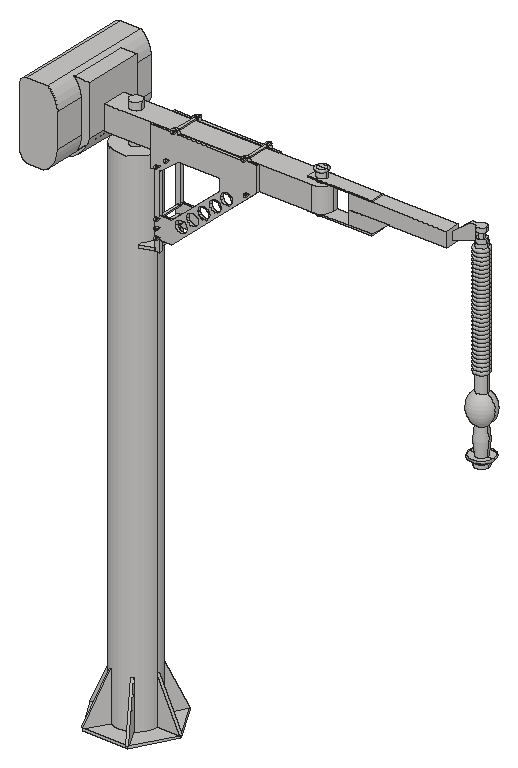
Revit family "Servo_Easy_Arm_Gorbel_EA-F", category Specialty Equipment, Revit 2024
Family settings
  Round Connector Dimension = Use Diameter
  Part Type = Normal
  OmniClass Number = 23.50.30.37.11
  OmniClass Title = Cranes
  Work Plane-Based = Yes
  Enable Cutting in Views = No
  Always vertical = No
  Cut with Voids When Loaded = No
  Maintain Annotation Orientation = No
  Shared = No
  Room Calculation Point = No
Parameters
  offset [instance] = 0' - 0"
  Warranty Duration (Years) = 0
  URL = "https://www.gorbel.com/Solutions/architectsandengineers.aspx"
  Test Data = "https://www.gorbel.com/Solutions/designstandards.aspx"
  Specification = "http://www.arcat.com/sd/clients/gorbel.html?coid=43076"
  SpecWizard = ""
  Span = 6' - 0"
  Send Message = "http://www.arcat.com/users.pl?action=UserEmail&company=Gorbel%20Inc.&coid=43076&rep=106&fax=800-828-1808&mf="
  Sec Angle = 180.00°
  Sales Information = "https://www.gorbel.com/About/HowToBuy.aspx"
  Revision = "R1_05-2011"
  Product Properties = "https://www.gorbel.com/Products.aspx"
  Product Data = "http://arcat.com/arcatcos/cos43/arc43076.html?isac=1&r=1"
  Prim Angle = 90.00°
  Post Height = HUH + 2' 10 3/8"  # 8' - 10 3/8"
  Model = "As Specified"
  Manufacturer Website = "https://www.gorbel.com/Solutions/architectsandengineers.aspx"
  Manufacturer Phone - Toll Free = "800-821-0086 "
  Manufacturer Phone = "585-924-6262 "
  Manufacturer Fax = "800-828-1808;585-924-6273"
  Manufacturer Address = "600 Fishers Run, Fishers, NY 14453\r\n"
  Manufacturer = "Gorbel Inc"
  Maintenance Schedule (Months) = 0
  Keynote = "14600"
  Installation-Fabrication = "https://www.gorbel.com/Media/brochures.aspx"
  Installation Phase = ""
  HUH = 6' - 0"
  Green Building-LEED = ""
  Fixture Material = Steel
  Expected Lifespan (Years) = 0
  Drawn By = "Sumex Design, Inc. / Robert S. Weygant, CSI, CDT, SCIP"
  Description = "Gorbel"
  Default Elevation = 4' - 0"
  Copyright = "©Arcat Inc."
  Construction Details = ""
  Capacity (Lbs) = 0.00 kip
  Assembly Code = "D1090300"
Reference planes (in)
  plane 1 "Center (Front/Back)": y = 0
  plane 2 "Bottom": z = 0
  plane 3 "Center (Left/Right)": x = 0
Forms (in)
  Extrusion 1, solid, material "Steel" <- "Fixture Material"
    sketch origin (0, 0, 0) x (1, 0, 0) y (0, 1, 0)
      loop
        circle (0, 0) r 4.5
    from 0 to 106.375
  Extrusion 2, solid, material "Steel" <- "Fixture Material"
    sketch origin (0, 0, 106.375) x (1, 0, 0) y (0, 1, 0)
      loop
        circle (0, 0) r 1.25
    from 0 to 8.0038
  Extrusion 3, solid, material "Steel" <- "Fixture Material"
    sketch origin (0, 0, 0) x (1, 0, 0) y (0, 1, 0)
      loop
        line (-4.6188, 8) -> (-9.2376, 0) -> (-4.6188, -8) -> (4.6188, -8) -> (9.2376, 0) -> (4.6188, 8) -> (-4.6188, 8)
    from 0 to 0.5
  Extrusion 4, solid, material "Steel" <- "Fixture Material"
    sketch origin (0, 0, 0) x (1, 0, 0) y (0, 0, 1)
      loop
        line (9.2376, 0.5) -> (4.4876, 10.5) -> (4.4876, 0.5) -> (9.2376, 0.5)
    from -0.25 to 0.25
  Extrusion 5, solid, material "Steel" <- "Fixture Material"
    sketch origin (0, 0, 0) x (0.5, -0.866025, 0) y (0, 0, 1)
      loop
        line (9.2376, 0.5) -> (4.4876, 10.5) -> (4.4876, 0.5) -> (9.2376, 0.5)
    from -0.25 to 0.25
  Extrusion 6, solid, material "Steel" <- "Fixture Material"
    sketch origin (0, 0, 0) x (0.5, 0.866025, 0) y (0, 0, 1)
      loop
        line (9.2376, 0.5) -> (4.4876, 10.5) -> (4.4876, 0.5) -> (9.2376, 0.5)
    from -0.25 to 0.25
  Extrusion 7, solid, material "Steel" <- "Fixture Material"
    sketch origin (0, 0, 0) x (-0.5, 0.866025, 0) y (0, 0, 1)
      loop
        line (9.2376, 0.5) -> (4.4876, 10.5) -> (4.4876, 0.5) -> (9.2376, 0.5)
    from -0.25 to 0.25
  Extrusion 8, solid, material "Steel" <- "Fixture Material"
    sketch origin (0, 0, 0) x (-1, 0, 0) y (0, 0, 1)
      loop
        line (9.2376, 0.5) -> (4.4876, 10.5) -> (4.4876, 0.5) -> (9.2376, 0.5)
    from -0.25 to 0.25
  Extrusion 9, solid, material "Steel" <- "Fixture Material"
    sketch origin (0, 0, 0) x (-0.5, -0.866025, 0) y (0, 0, 1)
      loop
        line (9.2376, 0.5) -> (4.4876, 10.5) -> (4.4876, 0.5) -> (9.2376, 0.5)
    from -0.25 to 0.25
Lines and regions (in)
  reference lines
    curve 1: line (0, 0, 0) -> (72, 0, 0)
Dimensions and locks (in)
  "HUH": nested 1 to curve 1
  "Post Height": Extrusion 1 to level
Automatic sketch dimensions
  curve 1 to level = 0' - 0"
  curve 1 to plane 3 "Center (Left/Right)" = 0' - 0"
  Extrusion 1 sketch curve to plane 1 "Center (Front/Back)" = 0' - 0"
  Extrusion 1 sketch curve to plane 3 "Center (Left/Right)" = 0' - 0"
  plane 3 "Center (Left/Right)" to curve 1 = 6' - 0"
  Extrusion 4 sketch curve to Extrusion 4 sketch curve = 0' - 4 3/4"
  Extrusion 4 sketch curve to Extrusion 4 sketch curve = 0' - 10"
  Extrusion 5 sketch curve to Extrusion 5 sketch curve = 0' - 4 3/4"
  Extrusion 5 sketch curve to Extrusion 5 sketch curve = 0' - 10"
  Extrusion 6 sketch curve to Extrusion 6 sketch curve = 0' - 4 3/4"
  Extrusion 6 sketch curve to Extrusion 6 sketch curve = 0' - 10"
  Extrusion 7 sketch curve to Extrusion 7 sketch curve = 0' - 4 3/4"
  Extrusion 7 sketch curve to Extrusion 7 sketch curve = 0' - 10"
  Extrusion 8 sketch curve to Extrusion 8 sketch curve = 0' - 4 3/4"
  Extrusion 8 sketch curve to Extrusion 8 sketch curve = 0' - 10"
  Extrusion 9 sketch curve to Extrusion 9 sketch curve = 0' - 4 3/4"
  Extrusion 9 sketch curve to Extrusion 9 sketch curve = 0' - 10"
  radius of Extrusion 1 sketch curve = 0' - 4 1/2"
  radius of Extrusion 2 sketch curve to Extrusion 1 = 0' - 3 1/4"
Nested families (in)
  nested 1: "Boom" at (0, 0, 72), type "Boom"
    with offset 0' - 0"
Definition of nested family "Boom"
  Parameters
    offset [instance] = 0' - 0"
    Warranty Duration (Years) = 0
    URL = "https://www.gorbel.com/Solutions/architectsandengineers.aspx"
    Test Data = "https://www.gorbel.com/Solutions/designstandards.aspx"
    Specification = "http://www.arcat.com/sd/clients/gorbel.html?coid=43076"
    SpecWizard = ""
    Span = 6' - 0"
    Send Message = "http://www.arcat.com/users.pl?action=UserEmail&company=Gorbel%20Inc.&coid=43076&rep=106&fax=800-828-1808&mf="
    Sec Angle = 180.00°
    Sales Information = "https://www.gorbel.com/About/HowToBuy.aspx"
    Revision = "R1_05-2011"
    Product Properties = "https://www.gorbel.com/Products.aspx"
    Product Data = "http://arcat.com/arcatcos/cos43/arc43076.html?isac=1&r=1"
    Prim Length = Span - A  # 3' - 2 41/256"
    Prim Angle = 90.00°
    Model = "As Specified"
    Manufacturer Website = "https://www.gorbel.com/Solutions/architectsandengineers.aspx"
    Manufacturer Phone - Toll Free = "800-821-0086 "
    Manufacturer Phone = "585-924-6262 "
    Manufacturer Fax = "800-828-1808;585-924-6273"
    Manufacturer Address = "600 Fishers Run, Fishers, NY 14453\r\n"
    Manufacturer = "Gorbel Inc"
    Maintenance Schedule (Months) = 0
    Keynote = "14600"
    Installation-Fabrication = "https://www.gorbel.com/Media/brochures.aspx"
    Installation Phase = ""
    Green Building-LEED = ""
    Fixture Material = none
    Expected Lifespan (Years) = 0
    Drawn By = "Sumex Design, Inc. / Robert S. Weygant, CSI, CDT, SCIP"
    Description = "Gorbel"
    Default Elevation = 4' - 0"
    Copyright = "©Arcat Inc."
    Construction Details = ""
    Assembly Code = "D1090300"
    A = if(Span = 6' 0", 2' 9 215/256", if(Span = 8' 0", 3' 9 31/256", if(Span = 10' 0", 4' 8 51/128", if(Span = 12' 0", 5' 7 87/128", 6' 6 123/128"))))  # 2' - 9 215/256"
  Reference planes (in)
    plane 1 "Center (Front/Back)": y = 0
    plane 2 "Bottom": z = 0
    plane 3 "Center (Left/Right)": x = 0
    plane 4: z = 36
  Forms (in)
    Extrusion 1, solid, material <- "Fixture Material"
      sketch origin (0, 0, 0) x (1, 0, 0) y (0, 1, 0)
        loop
          line (-4.65616, 2.5) -> (-4.65616, -2.5) -> (38.09399, -2.5)
          arc (38.09399, -2.5) -> (39.86176, -1.76777) -> (40.59399, 0) r 2.5
          arc (40.59399, 0) -> (39.86176, 1.76777) -> (38.09399, 2.5) r 2.5
          line (38.09399, 2.5) -> (-4.65616, 2.5)
        loop
          circle (38.16016, 0) r 1
      from 36 to 41
    Revolve 2, solid, material <- "Fixture Material"
      sketch origin (0, 0, 0) x (1, 0, 0) y (0, 0, 1)
        loop
          line (39.16016, 34.75) -> (39.16016, 42.875)
          arc (39.16016, 42.875) -> (39.39901, 43.06857) -> (39.16016, 43.26214) r 0.19786
          line (39.16016, 43.26214) -> (38.16016, 43.26214) -> (38.16016, 34.75) -> (39.16016, 34.75)
        axis (38.16016, 43.26214) -> (38.16016, 34.75)
      angle from 0 to 360
    Extrusion 3, solid, material <- "Fixture Material"
      sketch origin (38.16016, 0, 0) x (1, 0, 0) y (0, 1, 0)
        loop
          line (6.84, 1.5) -> (6.84, -1.5) -> (26.83984, -1.5) -> (26.83984, 1.5) -> (6.84, 1.5)
      from 38.5 to 41.5
    Extrusion 4, solid, material <- "Fixture Material"
      sketch origin (38.16016, 0, 0) x (1, 0, 0) y (0, 1, 0)
        loop
          line (11.40146, 1.5) -> (-1.59854, 1.5) -> (-1.59854, -1.5) -> (11.40146, -1.5) -> (11.40146, 1.5)
        loop
          circle (0, 0) r 1
      from 41.5 to 41.75
    Extrusion 5, solid, material <- "Fixture Material"
      sketch origin (38.16016, 0, 0) x (1, 0, 0) y (0, 1, 0)
        loop
          line (-1.59854, 1.5) -> (-1.59854, -1.5) -> (11.40146, -1.5) -> (11.40146, 1.5) -> (-1.59854, 1.5)
        loop
          circle (0, 0) r 1
      from 35.30123 to 35.55123
    Extrusion 6, solid, material <- "Fixture Material"
      sketch origin (38.16016, 0, 0) x (1, 0, 0) y (0, 0, 1)
        loop
          line (6.84, 38.5) -> (6.84, 35.55123) -> (11.40146, 35.55123) -> (15.04288, 38.5) -> (6.84, 38.5)
      from -1.5 to 1.5
    Revolve 7, solid, material <- "Fixture Material"
      sketch origin (38.16016, 0, 0) x (1, 0, 0) y (0, 0, 1)
        loop
          line (33.83984, 44) -> (32.83984, 44) -> (32.83984, 41.125) -> (33.83984, 41.125) -> (33.83984, 41.875) -> (33.33984, 41.875) -> (33.33984, 43.25) -> (33.83984, 43.25) -> (33.83984, 44)
        axis (32.83984, 41.125) -> (32.83984, 44)
      angle from 0 to 360
    Extrusion 8, solid, material <- "Fixture Material"
      sketch origin (38.16016, 0, 0) x (1, 0, 0) y (0, 0, 1)
        loop
          line (26.83984, 40.875) -> (26.83984, 39.125) -> (31.55155, 41.125) -> (32.08984, 41.125) -> (32.08984, 41.875) -> (31.83984, 41.875) -> (31.83984, 43.25) -> (32.08984, 43.25) -> (32.08984, 44) -> (30.85326, 44) -> (26.83984, 40.875)
      from -0.25 to 0.25
    Extrusion 9, solid, material <- "Fixture Material"
      sketch origin (0, 0, 0) x (1, 0, 0) y (0, 0, 1)
        loop
          line (7.25, 18) -> (7.25, 20.3) -> (9.75, 20.3) -> (27.25619, 36) -> (27.25619, 41) -> (25.5, 41)
          arc (25.5, 41) -> (24.75, 41.75) -> (24, 41) r 0.75
          line (24, 41) -> (11, 41)
          arc (11, 41) -> (10.25, 41.75) -> (9.5, 41) r 0.75
          line (9.5, 41) -> (5.5, 41) -> (5.5, 33) -> (6.25, 33) -> (6.25, 18) -> (7.25, 18)
        loop
          line (7.25, 33) -> (7.25, 24.7) -> (9.75, 24.7) -> (19.5, 33.44405) -> (19.5, 36) -> (11.1, 36) -> (7.25, 33)
        loop
          circle (6.75866, 33.70965) r 0.25
        loop
          circle (8.72574, 35.49115) r 0.25
        loop
          circle (6.75866, 20.6125) r 0.25
        loop
          circle (6.75866, 22.3625) r 0.25
        loop
          circle (6.75866, 24.1125) r 0.25
        loop
          circle (11.75188, 24.2687) r 1.25
        loop
          circle (14.08265, 26.35899) r 1.25
        loop
          circle (16.41343, 28.44929) r 1.25
        loop
          circle (18.7442, 30.53959) r 1.25
        loop
          circle (21.07498, 32.62989) r 1.25
        loop
          circle (25.11983, 34.93714) r 0.25
        loop
          circle (10.25, 41.34375) r 0.25
        loop
          circle (24.75, 41.34375) r 0.25
      from 2.5 to 3
    Extrusion 10, solid, material <- "Fixture Material"
      sketch origin (0, 0, 0) x (1, 0, 0) y (0, 0, 1)
        loop
          line (6.25, 33) -> (6.25, 18) -> (7.25, 18) -> (7.25, 20.3) -> (9.75, 20.3) -> (27.25619, 36) -> (27.25619, 41) -> (25.5, 41)
          arc (25.5, 41) -> (24.75, 41.75) -> (24, 41) r 0.75
          line (24, 41) -> (11, 41)
          arc (11, 41) -> (10.25, 41.75) -> (9.5, 41) r 0.75
          line (9.5, 41) -> (5.5, 41) -> (5.5, 33) -> (6.25, 33)
        loop
          circle (6.75866, 20.6125) r 0.25
        loop
          circle (6.75866, 22.3625) r 0.25
        loop
          circle (6.75866, 24.1125) r 0.25
        loop
          line (9.75, 24.7) -> (19.5, 33.44405) -> (19.5, 36) -> (11.1, 36) -> (7.25, 33) -> (7.25, 24.7) -> (9.75, 24.7)
        loop
          circle (11.75188, 24.2687) r 1.25
        loop
          circle (14.08265, 26.35899) r 1.25
        loop
          circle (16.41343, 28.44929) r 1.25
        loop
          circle (18.7442, 30.53959) r 1.25
        loop
          circle (21.07498, 32.62989) r 1.25
        loop
          circle (25.11983, 34.93714) r 0.25
        loop
          circle (6.75866, 33.70965) r 0.25
        loop
          circle (8.72574, 35.49115) r 0.25
        loop
          circle (24.75, 41.34375) r 0.25
        loop
          circle (10.25, 41.34375) r 0.25
      from -2.5 to -3
    Extrusion 11, solid, material <- "Fixture Material"
      sketch origin (0, 0, 0) x (1, 0, 0) y (0, 1, 0)
        loop
          line (6.25, 3) -> (3.68738, 3.84524) -> (3.68738, 3.09524)
          arc (3.68738, 3.09524) -> (4.639, 0) -> (3.68738, -3.09524) r 5.5096
          line (3.68738, -3.09524) -> (3.68738, -3.84524) -> (6.25, -3) -> (6.25, 3)
      from 18 to 18.5
    Extrusion 12, solid, material <- "Fixture Material"
      sketch origin (0, 0, 0) x (1, 0, 0) y (0, 0, 1)
        loop
          line (-4.65616, 36) -> (-4.65616, 46.42008) -> (-7.98457, 46.42008)
          arc (-7.98457, 46.42008) -> (-6.9708, 44.80481) -> (-6.5446, 42.946) r 5.71787
          line (-6.5446, 42.946) -> (-6.5446, 36)
          arc (-6.5446, 36) -> (-7.3061, 33.23055) -> (-9.37648, 31.23975) r 5.4168
          line (-9.37648, 31.23975) -> (-9.37648, 31.09004)
          arc (-9.37648, 31.09004) -> (-6.39309, 32.94586) -> (-4.65616, 36) r 7.1395
      from -6 to 6
    Extrusion 13, solid, material <- "Fixture Material"
      sketch origin (0, 0, 0) x (1, 0, 0) y (0, 0, 1)
        loop
          line (-6.5446, 36) -> (-6.5446, 42.946)
          arc (-6.5446, 42.946) -> (-7.1437, 45.18254) -> (-8.58059, 46.99814) r 5.71787
          line (-8.58059, 46.99814) -> (-12.83059, 46.99814)
          arc (-12.83059, 46.99814) -> (-13.83059, 46.58393) -> (-14.2448, 45.58393) r 1.41421
          line (-14.2448, 45.58393) -> (-14.2448, 33.48975)
          arc (-14.2448, 33.48975) -> (-13.58579, 31.89876) -> (-11.9948, 31.23975) r 2.25
          line (-11.9948, 31.23975) -> (-9.37648, 31.23975)
          arc (-9.37648, 31.23975) -> (-7.3061, 33.23055) -> (-6.5446, 36) r 5.4168
      from -12 to 12
    Extrusion 14, solid, material <- "Fixture Material"
      sketch origin (0, 0, 0) x (1, 0, 0) y (0, 0, 1)
        loop
          circle (10.25, 41.34375) r 0.25
        loop
          circle (24.75016, 41.34375) r 0.25
        loop
          circle (6.75866, 33.70965) r 0.25
        loop
          circle (8.72574, 35.49115) r 0.25
        loop
          circle (25.11999, 34.93714) r 0.25
        loop
          circle (6.75866, 20.6125) r 0.25
        loop
          circle (6.75866, 22.3625) r 0.25
        loop
          circle (6.75866, 24.1125) r 0.25
      from -3.5 to 3.5
    Revolve 15, solid, material <- "Fixture Material"
      sketch origin (38.16016, 0, 0) x (1, 0, 0) y (0, 0, 1)
        loop
          line (32.85572, 41.125) -> (32.85572, 0) -> (34.25722, 0) -> (34.25722, 0.59923) -> (33.75722, 0.59923) -> (33.75722, 1.625) -> (35.25722, 1.625)
          arc (35.25722, 1.625) -> (35.38222, 1.75) -> (35.25722, 1.875) r 0.125
          line (35.25722, 1.875) -> (34.00722, 1.875)
          arc (34.00722, 1.875) -> (34.23473, 4.75) -> (34.00722, 7.625) r 18.27912
          arc (34.00722, 7.625) -> (35.56011, 10.625) -> (34.00722, 13.625) r 3.67426
          line (34.00722, 13.625) -> (34.00722, 17.125)
          arc (34.00722, 17.125) -> (34.38222, 17.5) -> (34.00722, 17.875) r 0.375
          arc (34.00722, 17.875) -> (34.38222, 18.25) -> (34.00722, 18.625) r 0.375
          arc (34.00722, 18.625) -> (34.38222, 19) -> (34.00722, 19.375) r 0.375
          arc (34.00722, 19.375) -> (34.38222, 19.75) -> (34.00722, 20.125) r 0.375
          arc (34.00722, 20.125) -> (34.38222, 20.5) -> (34.00722, 20.875) r 0.375
          arc (34.00722, 20.875) -> (34.38222, 21.25) -> (34.00722, 21.625) r 0.375
          arc (34.00722, 21.625) -> (34.38222, 22) -> (34.00722, 22.375) r 0.375
          arc (34.00722, 22.375) -> (34.38222, 22.75) -> (34.00722, 23.125) r 0.375
          arc (34.00722, 23.125) -> (34.38222, 23.5) -> (34.00722, 23.875) r 0.375
          arc (34.00722, 23.875) -> (34.38222, 24.25) -> (34.00722, 24.625) r 0.375
          arc (34.00722, 24.625) -> (34.38222, 25) -> (34.00722, 25.375) r 0.375
          arc (34.00722, 25.375) -> (34.38222, 25.75) -> (34.00722, 26.125) r 0.375
          arc (34.00722, 26.125) -> (34.38222, 26.5) -> (34.00722, 26.875) r 0.375
          arc (34.00722, 26.875) -> (34.38222, 27.25) -> (34.00722, 27.625) r 0.375
          arc (34.00722, 27.625) -> (34.38222, 28) -> (34.00722, 28.375) r 0.375
          arc (34.00722, 28.375) -> (34.38222, 28.75) -> (34.00722, 29.125) r 0.375
          arc (34.00722, 29.125) -> (34.38222, 29.5) -> (34.00722, 29.875) r 0.375
          arc (34.00722, 29.875) -> (34.38222, 30.25) -> (34.00722, 30.625) r 0.375
          arc (34.00722, 30.625) -> (34.38222, 31) -> (34.00722, 31.375) r 0.375
          arc (34.00722, 31.375) -> (34.38222, 31.75) -> (34.00722, 32.125) r 0.375
          arc (34.00722, 32.125) -> (34.38222, 32.5) -> (34.00722, 32.875) r 0.375
          arc (34.00722, 32.875) -> (34.38222, 33.25) -> (34.00722, 33.625) r 0.375
          arc (34.00722, 33.625) -> (34.38222, 34) -> (34.00722, 34.375) r 0.375
          arc (34.00722, 34.375) -> (34.38222, 34.75) -> (34.00722, 35.125) r 0.375
          arc (34.00722, 35.125) -> (34.38222, 35.5) -> (34.00722, 35.875) r 0.375
          arc (34.00722, 35.875) -> (34.38222, 36.25) -> (34.00722, 36.625) r 0.375
          arc (34.00722, 36.625) -> (34.38222, 37) -> (34.00722, 37.375) r 0.375
          arc (34.00722, 37.375) -> (34.38222, 37.75) -> (34.00722, 38.125) r 0.375
          arc (34.00722, 38.125) -> (34.38222, 38.5) -> (34.00722, 38.875) r 0.375
          arc (34.00722, 38.875) -> (34.38222, 39.25) -> (34.00722, 39.625) r 0.375
          arc (34.00722, 39.625) -> (34.38222, 40) -> (34.00722, 40.375) r 0.375
          line (34.00722, 40.375) -> (34.00722, 41.125) -> (32.85572, 41.125)
        axis (32.85572, 41.125) -> (32.85572, 0)
      angle from 0 to 360
  Cuts and joins
    joined: Revolve 7, Extrusion 8
  Lines and regions (in)
    reference lines
      curve 1: line (0, 0, 0) -> (38.16016, 0, 0)
      curve 2: line (38.16016, 0, 0) -> (72, 0, 0)
  Dimensions and locks (in)
    "Prim Length": curve 1 to curve 1
    "A": curve 2 to curve 2
    Extrusion 1 sketch curve to Extrusion 1 sketch curve = 0' - 5"
    locked: Extrusion 14 sketch curve to Extrusion 14 sketch curve at 14.50016
    "Prim Angle": angle plane 3 "Center (Left/Right)" to curve 1
    "Sec Angle": angle curve 1 to curve 2
    aligned and locked: plane 1 "Center (Front/Back)" to curve 1
    aligned and locked: plane 3 "Center (Left/Right)" to curve 1
  Automatic sketch dimensions
    Extrusion 1 sketch curve to Extrusion 1 sketch curve = 0' - 0"  (x2)
    Extrusion 1 sketch curve to curve 1 = 0' - 0"  (x3)
    Extrusion 1 sketch curve to curve 1 = 0' - 0.06616"
    Extrusion 1 sketch curve to curve 1 = 0' - 4.65616"
    Revolve 2 sketch curve to curve 1 = 0' - 0"  (x2)
    curve 1 to Revolve 2 sketch curve = 2' - 7"
    curve 1 to Revolve 2 sketch curve = 2' - 10 3/4"
    curve 1 to Revolve 2 sketch curve = 3' - 5"
    curve 1 to Revolve 2 sketch curve = 0' - 1"
    Revolve 2 sketch curve to Revolve 2 sketch curve = 0' - 0"
    Revolve 2 sketch curve to Revolve 2 sketch curve = 0' - 0.04099"
    curve 1 to Revolve 2 sketch curve = 3' - 6 7/8"
    Revolve 2 sketch curve to Revolve 2 sketch curve = 0' - 0.19357"
    curve 2 to Extrusion 3 sketch curve = 0' - 1 1/2"
    curve 2 to Extrusion 3 sketch curve = 0' - 6.84"
    Extrusion 3 sketch curve to curve 2 = 0' - 7"
    Extrusion 3 sketch curve to curve 2 = 0' - 1 1/2"
    Extrusion 4 sketch curve to curve 2 = 0' - 1.59854"
    curve 2 to Extrusion 4 sketch curve = 0' - 1 1/2"
    curve 2 to Extrusion 4 sketch curve = 0' - 11.40146"
    Extrusion 4 sketch curve to curve 2 = 0' - 1 1/2"
    Extrusion 4 sketch curve to curve 2 = 0' - 0"  (x2)
    Extrusion 4 sketch curve to Extrusion 4 sketch curve = 0' - 1"
    Extrusion 5 sketch curve to curve 2 = 0' - 1.59854"
    curve 2 to Extrusion 5 sketch curve = 0' - 1 1/2"
    Extrusion 5 sketch curve to curve 2 = 0' - 1 1/2"
    curve 2 to Extrusion 5 sketch curve = 0' - 11.40146"
    Extrusion 5 sketch curve to curve 2 = 0' - 0"  (x2)
    Extrusion 5 sketch curve to Extrusion 5 sketch curve = 0' - 1"
    curve 2 to Extrusion 6 sketch curve = 0' - 6.84"
    Extrusion 6 sketch curve to Extrusion 6 sketch curve = 0' - 4.56146"
    Extrusion 6 sketch curve to Extrusion 6 sketch curve = 0' - 3.64143"
    curve 2 to Extrusion 6 sketch curve = 2' - 11.55123"
    Extrusion 6 sketch curve to Extrusion 6 sketch curve = 0' - 2.94877"
    Revolve 7 sketch curve to curve 2 = 0' - 0"  (x3)
    curve 2 to Revolve 7 sketch curve = 3' - 5 1/8"
    curve 2 to Revolve 7 sketch curve = 3' - 5 7/8"
    curve 2 to Revolve 7 sketch curve = 3' - 7 1/4"
    curve 2 to Revolve 7 sketch curve = 3' - 8"
    Revolve 7 sketch curve to curve 2 = 0' - 0 1/2"
    Revolve 7 sketch curve to curve 2 = 0' - 1"
    Revolve 7 sketch curve to Revolve 7 sketch curve = 0' - 0 1/2"
    Revolve 7 sketch curve to Revolve 7 sketch curve = 0' - 0 1/4"
    curve 2 to Revolve 7 sketch curve = 3' - 9 1/2"
    Extrusion 8 sketch curve to curve 2 = 0' - 7"
    Extrusion 8 sketch curve to curve 2 = 0' - 2.98658"
    Extrusion 8 sketch curve to curve 2 = 0' - 2.2883"
    Extrusion 8 sketch curve to Extrusion 8 sketch curve = 0' - 0.98658"
    Extrusion 8 sketch curve to Extrusion 8 sketch curve = 0' - 0.5383"
    Extrusion 8 sketch curve to Extrusion 8 sketch curve = 0' - 0 1/4"
    curve 2 to Extrusion 8 sketch curve = 3' - 3 1/8"
    Extrusion 8 sketch curve to Extrusion 8 sketch curve = 0' - 1 3/4"
    curve 2 to Extrusion 8 sketch curve = 3' - 5 1/8"
    Extrusion 8 sketch curve to Extrusion 8 sketch curve = 0' - 0 3/4"  (x2)
    Extrusion 8 sketch curve to Extrusion 8 sketch curve = 0' - 1 3/8"
    curve 1 to Extrusion 9 sketch curve = 0' - 5 1/2"
    Extrusion 9 sketch curve to Extrusion 9 sketch curve = 0' - 0 3/4"  (x3)
    Extrusion 9 sketch curve to Extrusion 9 sketch curve = 0' - 0.50866"  (x3)
    Extrusion 9 sketch curve to Extrusion 9 sketch curve = 0' - 0"  (x4)
    Extrusion 9 sketch curve to Extrusion 9 sketch curve = 0' - 0.49134"  (x2)
    Extrusion 9 sketch curve to Extrusion 9 sketch curve = 0' - 1.96708"
    Extrusion 9 sketch curve to Extrusion 9 sketch curve = 0' - 2 1/2"  (x2)
    Extrusion 9 sketch curve to Extrusion 9 sketch curve = 0' - 4"
    Extrusion 9 sketch curve to Extrusion 9 sketch curve = 0' - 2.00188"
    Extrusion 9 sketch curve to Extrusion 9 sketch curve = 0' - 2.37426"
    Extrusion 9 sketch curve to Extrusion 9 sketch curve = 0' - 2.33077"  (x3)
    Extrusion 9 sketch curve to Extrusion 9 sketch curve = 0' - 0.7558"
    Extrusion 9 sketch curve to Extrusion 9 sketch curve = 0' - 1.57498"
    Extrusion 9 sketch curve to Extrusion 9 sketch curve = 0' - 4 1/2"
    Extrusion 9 sketch curve to Extrusion 9 sketch curve = 0' - 4.04485"
    Extrusion 9 sketch curve to Extrusion 9 sketch curve = 0' - 1.75619"
    curve 1 to Extrusion 9 sketch curve = 1' - 6"
    Extrusion 9 sketch curve to Extrusion 9 sketch curve = 0' - 2.3"
    Extrusion 9 sketch curve to Extrusion 9 sketch curve = 0' - 0 5/16"
    Extrusion 9 sketch curve to Extrusion 9 sketch curve = 0' - 1 3/4"  (x2)
    Extrusion 9 sketch curve to Extrusion 9 sketch curve = 0' - 0.1562"
    Extrusion 9 sketch curve to Extrusion 9 sketch curve = 0' - 0.4313"
    Extrusion 9 sketch curve to Extrusion 9 sketch curve = 0' - 2.0903"  (x4)
    curve 1 to Extrusion 9 sketch curve = 2' - 9"
    Extrusion 9 sketch curve to Extrusion 9 sketch curve = 0' - 0.81416"
    Extrusion 9 sketch curve to Extrusion 9 sketch curve = 0' - 0.70965"
    Extrusion 9 sketch curve to Extrusion 9 sketch curve = 0' - 2.30725"
    Extrusion 9 sketch curve to Extrusion 9 sketch curve = 0' - 1.7815"
    Extrusion 9 sketch curve to Extrusion 9 sketch curve = 0' - 1.06286"
    Extrusion 9 sketch curve to Extrusion 9 sketch curve = 0' - 0.50885"
    curve 1 to Extrusion 9 sketch curve = 3' - 5"
    Extrusion 9 sketch curve to Extrusion 9 sketch curve = 0' - 0 11/32"  (x2)
    curve 1 to Extrusion 10 sketch curve = 0' - 5 1/2"
    Extrusion 10 sketch curve to Extrusion 10 sketch curve = 0' - 0 3/4"  (x3)
    Extrusion 10 sketch curve to Extrusion 10 sketch curve = 0' - 0.25866"  (x3)
    Extrusion 10 sketch curve to Extrusion 10 sketch curve = 0' - 0"  (x2)
    Extrusion 10 sketch curve to Extrusion 10 sketch curve = 0' - 0 1/4"  (x10)
    Extrusion 10 sketch curve to Extrusion 10 sketch curve = 0' - 0.24134"  (x2)
    Extrusion 10 sketch curve to Extrusion 10 sketch curve = 0' - 1.46708"
    Extrusion 10 sketch curve to Extrusion 10 sketch curve = 0' - 2 1/2"  (x2)
    Extrusion 10 sketch curve to Extrusion 10 sketch curve = 0' - 0.75188"
    Extrusion 10 sketch curve to Extrusion 10 sketch curve = 0' - 1 1/4"  (x5)
    Extrusion 10 sketch curve to Extrusion 10 sketch curve = 0' - 2.12426"
    Extrusion 10 sketch curve to Extrusion 10 sketch curve = 0' - 0.16923"  (x3)
    Extrusion 10 sketch curve to Extrusion 10 sketch curve = 0' - 0.4942"
    Extrusion 10 sketch curve to Extrusion 10 sketch curve = 0' - 0.32498"
    Extrusion 10 sketch curve to Extrusion 10 sketch curve = 0' - 2.54485"
    Extrusion 10 sketch curve to Extrusion 10 sketch curve = 0' - 1.88636"
    curve 1 to Extrusion 10 sketch curve = 1' - 6"
    Extrusion 10 sketch curve to Extrusion 10 sketch curve = 0' - 2.3"
    Extrusion 10 sketch curve to Extrusion 10 sketch curve = 0' - 0 5/16"
    Extrusion 10 sketch curve to Extrusion 10 sketch curve = 0' - 1 3/4"  (x2)
    Extrusion 10 sketch curve to Extrusion 10 sketch curve = 0' - 3.9687"
    Extrusion 10 sketch curve to Extrusion 10 sketch curve = 0' - 0.4313"
    Extrusion 10 sketch curve to Extrusion 10 sketch curve = 0' - 2.0903"  (x4)
    Extrusion 10 sketch curve to Extrusion 10 sketch curve = 0' - 0.81416"
    Extrusion 10 sketch curve to Extrusion 10 sketch curve = 0' - 0.70965"
    Extrusion 10 sketch curve to Extrusion 10 sketch curve = 0' - 2.30725"
    Extrusion 10 sketch curve to Extrusion 10 sketch curve = 0' - 1.7815"
    Extrusion 10 sketch curve to Extrusion 10 sketch curve = 0' - 2.55595"
    Extrusion 10 sketch curve to Extrusion 10 sketch curve = 0' - 0.50885"
    Extrusion 10 sketch curve to Extrusion 10 sketch curve = 0' - 1.06286"
    Extrusion 10 sketch curve to Extrusion 10 sketch curve = 0' - 5"
    Extrusion 10 sketch curve to Extrusion 10 sketch curve = 0' - 0.1"
    Extrusion 10 sketch curve to Extrusion 10 sketch curve = 0' - 3.25619"
    Extrusion 10 sketch curve to Extrusion 10 sketch curve = 0' - 0 11/32"  (x2)
    Extrusion 11 sketch curve to curve 1 = 0' - 0"
    Extrusion 11 sketch curve to curve 1 = 0' - 0.8706"
    curve 1 to Extrusion 11 sketch curve = 0' - 3.68738"  (x2)
    Extrusion 11 sketch curve to Extrusion 11 sketch curve = 0' - 2.56262"
    curve 1 to Extrusion 11 sketch curve = 0' - 3"
    Extrusion 11 sketch curve to Extrusion 11 sketch curve = 0' - 0.09524"  (x2)
    Extrusion 11 sketch curve to Extrusion 11 sketch curve = 0' - 0 3/4"  (x2)
    Extrusion 12 sketch curve to curve 1 = 1' - 0.25291"
    Extrusion 12 sketch curve to Extrusion 12 sketch curve = 0' - 0.29151"
    Extrusion 12 sketch curve to Extrusion 12 sketch curve = 0' - 0.42151"
    Extrusion 12 sketch curve to Extrusion 12 sketch curve = 0' - 2.58492"
    Extrusion 12 sketch curve to Extrusion 12 sketch curve = 0' - 4.26834"
    Extrusion 12 sketch curve to Extrusion 12 sketch curve = 0' - 4.99529"
    Extrusion 12 sketch curve to Extrusion 12 sketch curve = 0' - 3.3284"
    curve 1 to Extrusion 12 sketch curve = 2' - 7.09004"
    Extrusion 12 sketch curve to Extrusion 12 sketch curve = 0' - 0.14971"
    Extrusion 12 sketch curve to Extrusion 12 sketch curve = 0' - 0"
    Extrusion 12 sketch curve to Extrusion 12 sketch curve = 0' - 4.72156"
    Extrusion 12 sketch curve to Extrusion 12 sketch curve = 0' - 0.33057"
    Extrusion 13 sketch curve to curve 1 = 1' - 2.2448"
    Extrusion 13 sketch curve to Extrusion 13 sketch curve = 0' - 1.41421"
    Extrusion 13 sketch curve to Extrusion 13 sketch curve = 0' - 0.57768"
    Extrusion 13 sketch curve to Extrusion 13 sketch curve = 0' - 2 1/4"
    Extrusion 13 sketch curve to Extrusion 13 sketch curve = 0' - 0.0334"
    Extrusion 13 sketch curve to Extrusion 13 sketch curve = 0' - 2.61832"
    Extrusion 13 sketch curve to Extrusion 13 sketch curve = 0' - 4 1/4"
    Extrusion 13 sketch curve to Extrusion 13 sketch curve = 0' - 2.03599"
    curve 1 to Extrusion 13 sketch curve = 2' - 7.23975"
    Extrusion 13 sketch curve to Extrusion 13 sketch curve = 0' - 6.61543"
    Extrusion 13 sketch curve to Extrusion 13 sketch curve = 0' - 0.33057"
    curve 1 to Extrusion 14 sketch curve = 0' - 10"
    Extrusion 14 sketch curve to Extrusion 14 sketch curve = 0' - 0 1/4"  (x8)
    curve 1 to Extrusion 14 sketch curve = 3' - 5 11/32"  (x2)
    curve 1 to Extrusion 14 sketch curve = 0' - 7.00866"
    curve 1 to Extrusion 14 sketch curve = 2' - 9.70965"
    Extrusion 14 sketch curve to Extrusion 14 sketch curve = 0' - 1.46708"
    Extrusion 14 sketch curve to Extrusion 14 sketch curve = 0' - 1.7815"
    Extrusion 14 sketch curve to Extrusion 14 sketch curve = 0' - 0.11983"
    Extrusion 14 sketch curve to Extrusion 14 sketch curve = 0' - 6.40661"
    curve 1 to Extrusion 14 sketch curve = 0' - 6.50866"
    curve 1 to Extrusion 14 sketch curve = 1' - 8.6125"
    Extrusion 14 sketch curve to Extrusion 14 sketch curve = 0' - 0"  (x2)
    Extrusion 14 sketch curve to Extrusion 14 sketch curve = 0' - 1 3/4"  (x2)
    Revolve 15 sketch curve to curve 2 = 0' - 0"
    Revolve 15 sketch curve to curve 2 = 0' - 4 3/4"
    curve 2 to Revolve 15 sketch curve = 1' - 3.95561"
    Revolve 15 sketch curve to curve 2 = 0' - 1.954"
    Revolve 15 sketch curve to curve 2 = 0' - 0.98412"  (x2)
    Revolve 15 sketch curve to curve 2 = 0' - 0.08263"
    curve 2 to Revolve 15 sketch curve = 0' - 0.16737"  (x31)
    Revolve 15 sketch curve to Revolve 15 sketch curve = 0' - 0"  (x33)
    curve 2 to Revolve 15 sketch curve = 0' - 0.41737"
    Revolve 15 sketch curve to Revolve 15 sketch curve = 0' - 1 1/4"
    curve 2 to Revolve 15 sketch curve = 0' - 0.59923"
    curve 2 to Revolve 15 sketch curve = 0' - 1 5/8"
    Revolve 15 sketch curve to Revolve 15 sketch curve = 0' - 0 1/8"
    curve 2 to Revolve 15 sketch curve = 0' - 10 5/8"
    curve 2 to Revolve 15 sketch curve = 1' - 5 1/8"  (x2)
    curve 2 to Revolve 15 sketch curve = 1' - 5 1/2"
    curve 2 to Revolve 15 sketch curve = 1' - 6 1/4"
    curve 2 to Revolve 15 sketch curve = 1' - 7"
    curve 2 to Revolve 15 sketch curve = 1' - 7 3/4"
    curve 2 to Revolve 15 sketch curve = 1' - 8 1/2"
    curve 2 to Revolve 15 sketch curve = 1' - 9 1/4"
    curve 2 to Revolve 15 sketch curve = 1' - 10"
    curve 2 to Revolve 15 sketch curve = 1' - 10 3/4"
    curve 2 to Revolve 15 sketch curve = 1' - 11 1/2"
    curve 2 to Revolve 15 sketch curve = 2' - 0 1/4"
    curve 2 to Revolve 15 sketch curve = 2' - 1"
    curve 2 to Revolve 15 sketch curve = 2' - 1 3/4"
    curve 2 to Revolve 15 sketch curve = 2' - 2 1/2"
    curve 2 to Revolve 15 sketch curve = 2' - 3 1/4"
    curve 2 to Revolve 15 sketch curve = 2' - 4"
    curve 2 to Revolve 15 sketch curve = 2' - 4 3/4"
    curve 2 to Revolve 15 sketch curve = 2' - 5 1/2"
    curve 2 to Revolve 15 sketch curve = 2' - 6 1/4"
    curve 2 to Revolve 15 sketch curve = 2' - 7"
    curve 2 to Revolve 15 sketch curve = 2' - 7 3/4"
    curve 2 to Revolve 15 sketch curve = 2' - 8 1/2"
    curve 2 to Revolve 15 sketch curve = 2' - 9 1/4"
    curve 2 to Revolve 15 sketch curve = 2' - 10"
    curve 2 to Revolve 15 sketch curve = 2' - 10 3/4"
    curve 2 to Revolve 15 sketch curve = 2' - 11 1/2"
    curve 2 to Revolve 15 sketch curve = 3' - 0 1/4"
    curve 2 to Revolve 15 sketch curve = 3' - 1"
    curve 2 to Revolve 15 sketch curve = 3' - 1 3/4"
    curve 2 to Revolve 15 sketch curve = 3' - 2 1/2"
    curve 2 to Revolve 15 sketch curve = 3' - 3 1/4"
    curve 2 to Revolve 15 sketch curve = 3' - 4"
    curve 2 to Revolve 15 sketch curve = 3' - 5 1/8"
    radius of Extrusion 1 sketch curve = 0' - 1"
    radius of Extrusion 9 sketch curve = 0' - 0 1/4"  (x8)
    radius of Extrusion 9 sketch curve = 0' - 1 1/4"  (x5)
